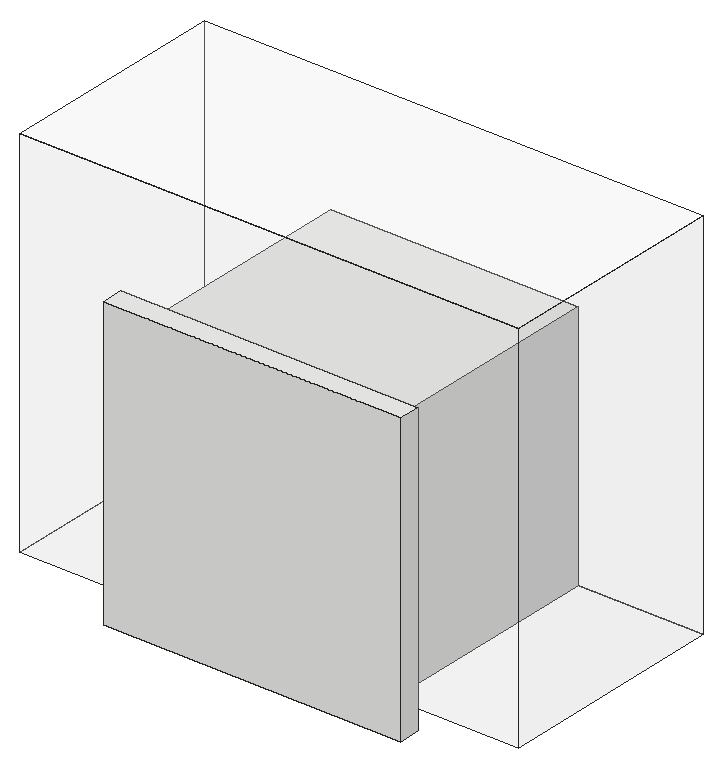
Revit family "vl-12(e)(r)k(h)(x)3_60Hz", category 機械設備, Revit 2019
Family settings
  丸型コネクタ寸法 = 直径を使用
  パーツ タイプ = 標準
  OmniClass 番号 = 23.75.35.17.27
  OmniClass タイトル = Centrifugal Fans
  作業面ベース = いいえ
  常に垂直 = はい
  ロード時にボイドで切り取り = いいえ
  共有 = いいえ
  部屋計算ポイント = いいえ
Parameters (values of type "VL-12EK3")
  騒音レベル(dB(A)) [instance] = 39
  風量 [instance] = 100.0 m³/h
  電源種別 [instance] = ""
  電圧 = 100 V
  電動機出力 = 0 W
  電動機_種別 [instance] = ""
  運転質量 = 0.00 kg
  連動 [instance] = ""
  質量 = if(製品質量 > 運転質量, 製品質量, 運転質量) * 1.2  # 5.40 kg
  負荷分類 = 3_ファン類
  説明 = "換気空清機ロスナイ 準寒冷･温暖地仕様 壁埋込30cm角穴取付"
  設計風量 [instance] = 0.0 m³/h
  設置方法 = "壁付"
  記号 [instance] = ""
  製造元 = "三菱電機株式会社"
  製品質量 = 4.50 kg
  製品出荷対象 = "国内"
  製品リリース年月 = "2019年5月16日"
  製品グループ = ""
  系統 [instance] = ""
  符号 [instance] = ""
  積算_科目 = "2 換気設備"
  積算_拾い区分 [instance] = ""
  相 = 1
  盤記号 [instance] = ""
  発停方法 [instance] = ""
  特殊仕様 [instance] = ""
  温度交換効率 = 55.00%
  メンテナンススペース = yes
  火災停止 [instance] = ""
  消費電力 = 34 W
  法定耐用年数 = "15"
  機外静圧 [instance] = 0.0 Pa
  極数 = 2
  材質 [instance] = ""
  操作・制御方式 = ""
  操作・制御スイッチ = ""
  排気量 [instance] = 0.0 m³/h
  形式 = ""
  幹線記号 [instance] = ""
  対象室 [instance] = ""
  実風量 [instance] = 0.0 m³/h
  始動方式 [instance] = "直入"
  外気量 [instance] = 0.0 m³/h
  呼称 = ""
  周波数 = 60 Hz
  参照している仕様書等のバージョン = ""
  分類コード = "50052504100030"
  分類グループ = ""
  価格 = 53600
  企業コード = "108420"
  付属品_防振装置 = ""
  付属品 [instance] = ""
  仕様書バージョン = "Version1.0"
  モデル = "VL-12EK3"
  マテリアル = 合成樹脂(白)
  ファンの種類 = ""
  ダクト径 = 75 mm
  コメント [instance] = ""
  Keynote = ""
  Width = 295 mm
  W2 = if(Width / 2 < Depth, Width / 2, Depth)  # 147.5 mm
  W1 = 354 mm
  Version = ""
  Uniclass2015Version = "Systems v1.9"
  Uniclass2015Title = "Twin centrifugal fans"
  Uniclass2015Code = "Pr_65_67_29_89"
  URL = "https://www.mitsubishielectric.co.jp/ldg/wink/ssl/displayProduct.do?pid=300980"
  SpecificationReference = ""
  SpecificationDescription = ""
  SAサイズ_D = 75 mm
  Revision = ""
  ProductInformation = ""
  OmniClassCode = "23-33 31 19 13 13"
  MIN風量 = 60.0 m³/h
  MIN静圧 = 0.0 Pa
  MID風量 = 0.0 m³/h
  MID静圧 = 0.0 Pa
  MAX風量 = 100.0 m³/h
  MAX静圧 = 0.0 Pa
  IfcTypeProduct = ""
  IfcProduct = ""
  IfcExportType = "CENTRIFUGALBACKWARDINCLINEDCURVED"
  IfcExportAs = "IfcFanType"
  Height = 298 mm
  H1 = 346 mm
  EAサイズ_D = 75 mm
  Duct_Pitch = 350 mm
  Duct_H = 28 mm
  Depth = 276 mm
  D1 = 25 mm
  Clearance Top = 150 mm
  Clearance Right = 150 mm
  Clearance Left = 150 mm
  Clearance Front = 0 mm
  Clearance Bottom = 0 mm
  Clearance Back = 0 mm
  Author = "三菱電機株式会社"
Types (5, lengths in mm): name | 騒音レベル(dB(A)) | 風量 | 質量 | 製品質量 | 温度交換効率 | 消費電力 | 価格 | モデル | W1 | URL | MIN風量 | MAX風量 | H1 | D1
  VL-12EKH3 | 28.5 | 57.0 m³/h | 5.40 kg | 4.50 kg | 65.00% | 18 W | 55700 | "VL-12EKH3" | 354 | "https://www.mitsubishielectric.co.jp/ldg/wink/ssl/displayProduct.do?pid=300982" | 0.0 m³/h | 57.0 m³/h | 346 | 25
  VL-12RKH3 | 28.5 | 57.0 m³/h | 5.40 kg | 4.50 kg | 65.00% | 18 W | 63000 | "VL-12RKH3" | 354 | "https://www.mitsubishielectric.co.jp/ldg/wink/ssl/displayProduct.do?pid=300992" | 0.0 m³/h | 57.0 m³/h | 346 | 25
  VL-12K3 | 39 | 100.0 m³/h | 5.40 kg | 4.50 kg | 55.00% | 34 W | 53600 | "VL-12K3" | 354 | "https://www.mitsubishielectric.co.jp/ldg/wink/ssl/displayProduct.do?pid=300988" | 60.0 m³/h | 100.0 m³/h | 346 | 25
  VL-12EK3 | 39 | 100.0 m³/h | 5.40 kg | 4.50 kg | 55.00% | 34 W | 53600 | "VL-12EK3" | 354 | "https://www.mitsubishielectric.co.jp/ldg/wink/ssl/displayProduct.do?pid=300980" | 60.0 m³/h | 100.0 m³/h | 346 | 25
  VL-12EKX3 | 38 | 100.0 m³/h | 6.00 kg | 5.00 kg | 55.00% | 34 W | 60200 | "VL-12EKX3" | 376 | "https://www.mitsubishielectric.co.jp/ldg/wink/ssl/displayProduct.do?pid=300985" | 60.0 m³/h | 100.0 m³/h | 376 | 66
Reference planes
  plane 1 "中心(正面/背面)": y = 0
  plane 2: z = 0
  plane 3 "中心(左/右)": x = 0
  plane 4: x = 297.5
  plane 5: y = 276
  plane 6: y = 0
  plane 7: x = -147.5
  plane 8: x = 147.5
  plane 9: y = -25
  plane 10: z = 299
  plane 11: z = -149
  plane 12: x = -297.5
  plane 13: z = -149
  plane 14: y = 138
  plane 15: z = 149
  plane 16: z = -28
  plane 17: x = -73.75
  plane 18: x = 73.75
  plane 19: x = 175
  plane 20: x = -175
  plane 21: y = 276
  plane 22: x = -177
  plane 23: x = 177
  plane 24: z = 173
  plane 25: z = -173
Forms (mm)
  Extrusion 1, solid, material "合成樹脂(白)" <- "マテリアル", detail levels fine
    sketch origin (0, 0, 0) x (1, 0, 0) y (0, 1, 0)
      loop
        line (-147.5, 276) -> (-147.5, 0) -> (147.5, 0) -> (147.5, 276) -> (-147.5, 276)
    from -149 to 149
  Extrusion 2, solid, material "合成樹脂(白)" <- "マテリアル"
    sketch origin (0, 0, 0) x (1, 0, 0) y (0, 1, 0)
      loop
        line (-177, -25) -> (177, -25) -> (177, 0) -> (-177, 0) -> (-177, -25)
    from -173 to 173
Lines and regions (mm)
  Masking region 1, detail levels coarse+medium
    outline origin (2279.921, -68.194, 0) x (1, 0, 0) y (0, 1, 0)
      loop
        line (-2427.421, 344.194) -> (-2427.421, 68.194) -> (-2132.421, 68.194) -> (-2132.421, 344.194) -> (-2427.421, 344.194)
  symbolic lines, detail levels coarse+medium
    curve 1: circle (73.75, 138, 0) r 73.75 normal (0, 0, 1)
    curve 2: circle (-73.75, 138, 0) r 73.75 normal (0, 0, 1)
Dimensions and locks
  equal spacing: plane 7, plane 3 "中心(左/右)", plane 8
  "Width": plane 7 to plane 8
  "Clearance Left": plane 12 to plane 7
  "Clearance Right": plane 8 to plane 4
  "Clearance Bottom": plane 11 to plane 13
  "Height": plane 15 to plane 11
  "Clearance Top": plane 10 to plane 15
  equal spacing: plane 15, level, plane 11
  "Duct_H": level to plane 16
  equal spacing: plane 7, plane 17, plane 3 "中心(左/右)"
  equal spacing: plane 3 "中心(左/右)", plane 18, plane 8
  equal spacing: plane 20, plane 3 "中心(左/右)", plane 19
  "Duct_Pitch": plane 20 to plane 19
  "Clearance Back": plane 5 to plane 21
  equal spacing: plane 1 "中心(正面/背面)", plane 14, plane 21
  "Depth": plane 1 "中心(正面/背面)" to plane 21
  "Clearance Front": plane 6 to plane 1 "中心(正面/背面)"
  "D1": plane 1 "中心(正面/背面)" to plane 9
  equal spacing: plane 22, plane 3 "中心(左/右)", plane 23
  "W1": plane 22 to plane 23
  equal spacing: plane 24, level, plane 25
  "H1": plane 24 to plane 25
  "W2": diameter of curve 2
  "W2": diameter of curve 1
  aligned and locked: level to plane 2
  aligned and locked: plane 8 to Extrusion 1
  aligned and locked: Extrusion 1 to plane 7
  aligned and locked: Extrusion 1 to plane 11
  aligned and locked: plane 15 to Extrusion 1
  aligned and locked: nested 1 to plane 6
  aligned and locked: nested 1 to plane 5
  aligned and locked: plane 12 to nested 1
  aligned and locked: plane 4 to nested 1
  aligned and locked: plane 13 to nested 1
  aligned and locked: plane 10 to nested 1
  aligned and locked: Masking region 1 to plane 7
  aligned and locked: plane 8 to Masking region 1
  aligned and locked: plane 21 to Masking region 1
  aligned and locked: plane 21 to Extrusion 1
  aligned and locked: plane 1 "中心(正面/背面)" to Extrusion 1
  aligned and locked: plane 1 "中心(正面/背面)" to Masking region 1
  aligned and locked: Extrusion 2 sketch curve to plane 9
  aligned and locked: Extrusion 2 sketch curve to plane 22
  aligned and locked: Extrusion 2 sketch curve to plane 1 "中心(正面/背面)"
  aligned and locked: plane 23 to Extrusion 2 sketch curve
  aligned and locked: Extrusion 2 to plane 25
  aligned and locked: plane 24 to Extrusion 2
Automatic sketch dimensions
  Extrusion 1 sketch curve to plane 3 "中心(左/右)" = 147.5 mm
  plane 3 "中心(左/右)" to Extrusion 1 sketch curve = 147.5 mm
  plane 1 "中心(正面/背面)" to Extrusion 1 sketch curve = 0 mm
  Extrusion 1 sketch curve to plane 1 "中心(正面/背面)" = 276 mm
  Masking region 1 sketch curve to plane 4 = 445 mm
  Masking region 1 sketch curve to Masking region 1 sketch curve = 295 mm
  plane 6 to Masking region 1 sketch curve = 0 mm
  plane 14 to Masking region 1 sketch curve = 138 mm
  curve 2 to plane 14 = 0 mm
  curve 2 to plane 17 = 0 mm
  curve 1 to plane 14 = 0 mm
  curve 1 to plane 18 = 0 mm
Nested families
  nested 1: "メンテナンススペース" at (0, 138, 75), visible <- "メンテナンススペース", type "メンテナンススペース"
    with Width 595 mm, Height 448 mm, Depth 276 mm
Connectors
  electrical at (-177, -12.5, 0), driven by "極数", driven by "負荷分類", driven by "電圧", driven by "消費電力"
    settings: on Extrusion 2, index 1, voltage 100 V, apparent load 34 VA, apparent load phase1 0 VA, apparent load phase2 0 VA, apparent load phase3 0 VA, power factor 1, load classification "3_ファン類", number of poles 2, system type 30, power factor state 1, is connector primary yes, connector utility no, sub classification motor no, connector description ""
Definition of nested family "メンテナンススペース"
  Parameters (values of type "メンテナンススペース")
    Width [instance] = 500 mm
    Height [instance] = 500 mm
    Depth [instance] = 500 mm
  Reference planes
    plane 1 "中心(正面/背面)": y = 0
    plane 2: z = 0
    plane 3 "中心(左/右)": x = 0
    plane 4: y = -250
    plane 5: x = 250
    plane 6: y = 250
    plane 7: x = -250
    plane 8: z = 250
    plane 9: z = -250
  Forms (mm)
    Extrusion 1, solid
      sketch origin (-638.939, 0, 72.39) x (1, 0, 0) y (0, 1, 0)
        loop
          line (388.939, 250) -> (388.939, -250) -> (888.939, -250) -> (888.939, 250) -> (388.939, 250)
      from -322.39 to 177.61
  Lines and regions (mm)
    symbolic lines
      curve 1: line (-250, 0, 250) -> (250, 0, 250)
      curve 2: line (-250, 0, -250) -> (-250, 0, 250)
      curve 3: line (250, 0, -250) -> (-250, 0, -250)
      curve 4: line (250, 0, 250) -> (250, 0, -250)
      curve 5: line (0, -250, 250) -> (0, 250, 250)
      curve 6: line (0, -250, -250) -> (0, -250, 250)
      curve 7: line (0, 250, -250) -> (0, -250, -250)
      curve 8: line (0, 250, 250) -> (0, 250, -250)
      curve 9: line (-250, 250, 0) -> (250, 250, 0)
      curve 10: line (-250, -250, 0) -> (-250, 250, 0)
      curve 11: line (250, -250, 0) -> (-250, -250, 0)
      curve 12: line (250, 250, 0) -> (250, -250, 0)
  Dimensions and locks
    equal spacing: plane 7, plane 3 "中心(左/右)", plane 5
    equal spacing: plane 4, plane 1 "中心(正面/背面)", plane 6
    "Depth": plane 4 to plane 6
    "Width": plane 7 to plane 5
    equal spacing: plane 8, plane 2, plane 9
    "Height": plane 8 to plane 9
    aligned and locked: plane 9 to curve 3
    aligned and locked: plane 7 to curve 2
    aligned and locked: curve 4 to plane 5
    aligned and locked: plane 5 to Extrusion 1
    aligned and locked: Extrusion 1 to plane 7
    aligned and locked: Extrusion 1 to plane 9
    aligned and locked: plane 8 to Extrusion 1
    aligned and locked: plane 9 to curve 7
  Automatic sketch dimensions
    plane 4 to Extrusion 1 sketch curve = 0 mm
    Extrusion 1 sketch curve to plane 7 = 0 mm
    Extrusion 1 sketch curve to plane 5 = 0 mm
    plane 6 to Extrusion 1 sketch curve = 0 mm
    curve 2 to plane 8 = 0 mm
    plane 4 to curve 11 = 0 mm
    curve 11 to plane 7 = 0 mm
    curve 11 to plane 5 = 0 mm
    plane 6 to curve 10 = 0 mm
    curve 7 to plane 4 = 0 mm
    curve 7 to plane 6 = 0 mm
    curve 6 to plane 8 = 0 mm
